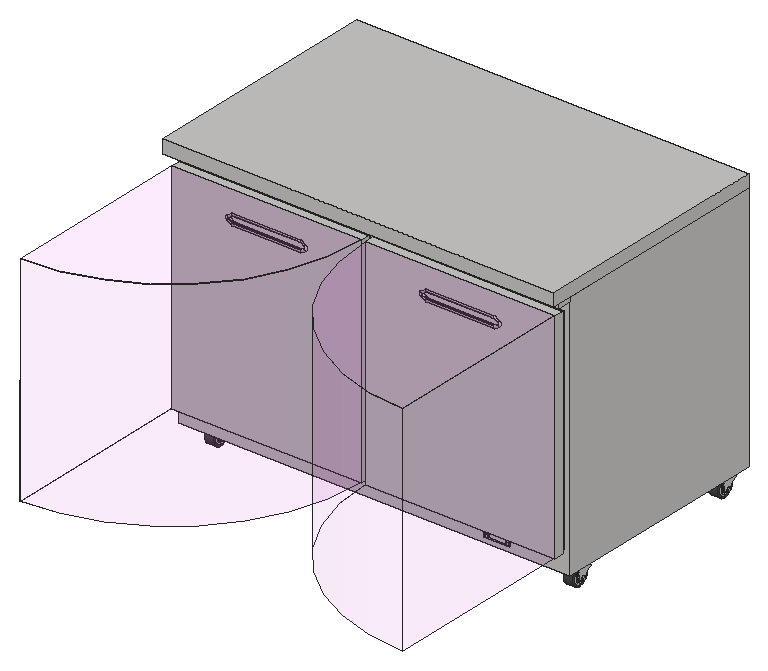
Revit family "QF_Kelvinator_738266_KCHUC48F_2-Door_Under_Counter_Freezer_48_Long", category Specialty Equipment, Revit 2021
Family settings
  Round Connector Dimension = Use Diameter
  Part Type = Normal
  Work Plane-Based = No
  Always vertical = Yes
  Cut with Voids When Loaded = No
  Shared = No
  Room Calculation Point = No
Parameters
  Weight in Pounds = 222.67
  Watts = 400 W
  Volts = 115 V
  URL Cutsheet = ""
  Specification by User = ""
  Specification by Manufacturer = ""
  Serial Number = ""
  Seismic Rating = ""
  SMACNA No = ""
  Revision Code = ""
  Refrigerant Type = "R290"
  Phase = 1
  Number of Poles = 1
  NAFEM Spec ID Number = ""
  Model = "738266 (KCHUC48F)"
  Min Ckt Ampacity = 0 A
  Max Overcurrent Protection = 0 A
  Masterspec = ""
  Manufacturer = "Kelvinator Commercial"
  Length = 48.228"
  Item Number = "738266"
  Installed By = ""
  Identify Quantity as Lot = yes
  Height = 35.512"
  HP = "1/3"
  Furnished By = ""
  Foodservice Equipment Identifier = yes
  FL Amps = 4 A
  Electrical Remarks = ""
  Electric Connection Type = ""
  Elec Conn RI Height = 0.000"
  Elec Conn Connection Height = 0.000"
  Description = "2-Door Under Counter Freezer 48\" Long"
  Depth = 29.921"
  Default Elevation = 0.000"
  Cycle = 60 Hz
  Conn Plug = "5-15P"
  Conn Conduit = yes
  CSI MasterFormat = ""
  Apparent Power = 0 VA
Reference planes (in)
  plane 1 "BACK": y = 0
  plane 2: z = 0
  plane 3 "LEFT": x = 0
  plane 4 "RIGHT": x = 48.228
  plane 5 "FRONT": y = -29.921
  plane 6 "TOP": z = 35.512
  plane 7 "Center Y": x = 24.114
  plane 8 "Center X": y = -14.9605
Dimensions and locks (in)
  equal spacing: plane 3 "LEFT", plane 7 "Center Y", plane 4 "RIGHT"
  "Length": plane 3 "LEFT" to plane 4 "RIGHT"
  equal spacing: plane 5 "FRONT", plane 8 "Center X", plane 1 "BACK"
  "Depth": plane 5 "FRONT" to plane 1 "BACK"
  "Height": plane 6 "TOP" to level
  aligned and locked: level to plane 2
Nested families (in)
  nested 1: "KCHST.0001" at (0, 0, 0), type "KCHST.0001"
    with Show Clearance yes
Connectors (in)
  electrical at (24.103, -0.87772, 2.31881), driven by "Volts", driven by "Watts"
    settings: on nested 1, index 1, voltage 115 V, apparent load 400 VA, apparent load phase1 0 VA, apparent load phase2 0 VA, apparent load phase3 0 VA, power factor 1, load classification "Other", number of poles 1, system type 30, power factor state 1, is connector primary yes, connector utility no, sub classification motor no, connector description ""
Definition of nested family "KCHST.0001"
  Parameters (values of type "KCHST.0001")
    Weight in Pounds = 0
    URL Cutsheet = ""
    Specification by User = ""
    Specification by Manufacturer = ""
    Show Clearance [instance] = yes
    Serial Number = ""
    Seismic Rating = ""
    SMACNA No = ""
    Revision Code = ""
    NAFEM Spec ID Number = ""
    Masterspec = ""
    Length = 48.228"
    Item Number = ""
    Installed By = ""
    Identify Quantity as Lot = yes
    Height = 35.512"
    Furnished By = ""
    Foodservice Equipment Identifier = yes
    Depth = 29.921"
    Default Elevation = 0.000"
    CSI MasterFormat = ""
  Reference planes (in)
    plane 1 "BACK": y = 0
    plane 2: z = 0
    plane 3 "LEFT": x = 0
    plane 4 "RIGHT": x = 48.228
    plane 5 "FRONT": y = -29.921
    plane 6 "TOP": z = 35.512
    plane 7 "Center Y": x = 24.114
    plane 8 "Center X": y = -14.9605
    plane 9: z = 3.1
    plane 10: z = 33.9
    plane 11: y = -56
    plane 12: y = -29.2
    plane 13: z = 32.4
    plane 14: z = 5.6
    plane 15: y = -27.5
    plane 16: x = 46.228
    plane 17: x = 2
    plane 18: x = 23.875
    plane 19: x = 0.5
    plane 20: x = 12.17363
    plane 21: x = 36.07637
  Forms (in)
    Extrusion 1, solid
      sketch origin (0, 0, 0) x (0, 1, 0) y (0, 0, 1)
        loop
          line (-27.5, 33.9) -> (-27.5, 3.1) -> (0, 3.1) -> (0, 33.9) -> (-27.5, 33.9)
      from 0 to 48.228
    Extrusion 2, solid
      sketch origin (0, 0, 0) x (0, 1, 0) y (0, 0, 1)
        loop
          line (-29.921, 35.512) -> (-29.921, 33.9) -> (0, 33.9) -> (0, 35.512) -> (-29.921, 35.512)
      from 0 to 48.228
    Extrusion 3, solid
      sketch origin (0, 0, 0) x (0, 1, 0) y (0, 0, 1)
        loop
          line (-29.2, 33.9) -> (-29.2, 33.4) -> (-27.5, 33.4) -> (-27.5, 33.9) -> (-29.2, 33.9)
      from 0 to 48.228
    Extrusion 4, solid
      sketch origin (24.114, 6.90541, 48) x (0, 1, 0) y (0, 0, 1)
        loop
          line (-36.10541, -15.6) -> (-36.10541, -42.4) -> (-34.95211, -42.4) -> (-34.95211, -15.6) -> (-36.10541, -15.6)
      from -0.239 to -23.614
    Extrusion 5, solid
      sketch origin (0, 0, 0) x (0, 1, 0) y (0, 0, 1)
        loop
          line (-28.04671, 32.20449) -> (-28.04671, 5.81322) -> (-27.79671, 5.81322) -> (-27.79671, 32.20449) -> (-28.04671, 32.20449)
      from 0.74536 to 23.60189
    Extrusion 6, solid
      sketch origin (0, 0.25, 0) x (0, 1, 0) y (0, 0, 1)
        loop
          line (-28.04671, 32.20449) -> (-28.04671, 5.81322) -> (-27.864, 5.81322) -> (-27.864, 32.20449) -> (-28.04671, 32.20449)
      from 0.74536 to 23.60189
    Extrusion 7, solid
      sketch origin (0, 0.4327, 0) x (0, 1, 0) y (0, 0, 1)
        loop
          line (-28.04671, 32.20449) -> (-28.04671, 5.81322) -> (-27.9327, 5.81322) -> (-27.9327, 32.20449) -> (-28.04671, 32.20449)
      from 0.74536 to 23.60189
    Extrusion 8, solid
      sketch origin (-4.97957, -27.5, -4.77927) x (-1, 0, 0) y (0, 0, 1)
        loop
          line (-42.67533, 9.70772) -> (-45.82493, 9.70772) -> (-45.82493, 8.52662) -> (-42.67533, 8.52662) -> (-42.67533, 9.70772)
        loop
          line (-42.75407, 9.63107) -> (-43.14777, 9.63107) -> (-43.14777, 9.31193) -> (-42.75407, 9.31193) -> (-42.75407, 9.63107)
        loop
          line (-42.75407, 9.27674) -> (-43.14777, 9.27674) -> (-43.14777, 8.9576) -> (-42.75407, 8.9576) -> (-42.75407, 9.27674)
        loop
          line (-42.75407, 8.92241) -> (-43.14777, 8.92241) -> (-43.14777, 8.60327) -> (-42.75407, 8.60327) -> (-42.75407, 8.92241)
        loop
          line (-45.74619, 9.63107) -> (-45.74619, 9.31193) -> (-45.35249, 9.31193) -> (-45.35249, 9.63107) -> (-45.74619, 9.63107)
        loop
          line (-45.74619, 9.27674) -> (-45.74619, 8.9576) -> (-45.35249, 8.9576) -> (-45.35249, 9.27674) -> (-45.74619, 9.27674)
        loop
          line (-45.74619, 8.92241) -> (-45.74619, 8.60327) -> (-45.35249, 8.60327) -> (-45.35249, 8.92241) -> (-45.74619, 8.92241)
        loop
          line (-43.22525, 9.63107) -> (-45.27501, 9.63107) -> (-45.27501, 8.60716) -> (-43.22525, 8.60716) -> (-43.22525, 9.63107)
      from 0.07874 to -0.04602
    Extrusion 9, solid
      sketch origin (-4.97957, -27.54602, -4.77927) x (1, 0, 0) y (0, 0, 1)
        loop
          line (45.35249, 9.63107) -> (45.35249, 9.31193) -> (45.74619, 9.31193) -> (45.74619, 9.63107) -> (45.35249, 9.63107)
        loop
          line (45.35249, 9.27674) -> (45.35249, 8.9576) -> (45.74619, 8.9576) -> (45.74619, 9.27674) -> (45.35249, 9.27674)
        loop
          line (45.35249, 8.92241) -> (45.35249, 8.60327) -> (45.74619, 8.60327) -> (45.74619, 8.92241) -> (45.35249, 8.92241)
        loop
          line (43.14777, 9.63107) -> (42.75407, 9.63107) -> (42.75407, 9.31193) -> (43.14777, 9.31193) -> (43.14777, 9.63107)
        loop
          line (43.14777, 9.27674) -> (42.75407, 9.27674) -> (42.75407, 8.9576) -> (43.14777, 8.9576) -> (43.14777, 9.27674)
        loop
          line (43.14777, 8.92241) -> (42.75407, 8.92241) -> (42.75407, 8.60327) -> (43.14777, 8.60327) -> (43.14777, 8.92241)
      from 0 to -0.07874
    Extrusion 10, solid
      sketch origin (-4.97957, -27.54602, -4.77927) x (1, 0, 0) y (0, 0, 1)
        loop
          line (43.22525, 9.63107) -> (43.22525, 8.60716) -> (45.27501, 8.60716) -> (45.27501, 9.63107) -> (43.22525, 9.63107)
      from 0 to -0.07874
    Extrusion 11, void
      sketch origin (-4.97957, -27.5, -4.77927) x (-1, 0, 0) y (0, 0, 1)
        loop
          line (-42.67533, 9.70772) -> (-45.82493, 9.70772) -> (-45.82493, 8.52662) -> (-42.67533, 8.52662) -> (-42.67533, 9.70772)
      from 0 to 0.07874
    Extrusion 12, void
      sketch origin (-37.41705, -29.19996, 31.5181) x (0, 0, 1) y (1, 0, 0)
        loop
          line (-1.94791, 45.41568) -> (-1.94791, 53.76568) -> (-2.28604, 54.30668)
          arc (-2.28604, 54.30668) -> (-2.38541, 54.36176) -> (-2.48479, 54.30668) r 0.11719
          line (-2.48479, 54.30668) -> (-2.82291, 53.76568) -> (-2.82291, 45.41568) -> (-2.48621, 44.87696)
          arc (-2.48621, 44.87696) -> (-2.38541, 44.82109) -> (-2.28462, 44.87696) r 0.11887
          line (-2.28462, 44.87696) -> (-1.94791, 45.41568)
      from 0 to 0.31887
    Sweep 13, solid
      path origin (-37.41705, -26.39996, 31.5181) x (0, 0, -1) y (1, 0, 0)
        loop
          line (2.82291, 53.76568) -> (2.48479, 54.30668)
          arc (2.48479, 54.30668) -> (2.38541, 54.36176) -> (2.28604, 54.30668) r 0.11719
          line (2.28604, 54.30668) -> (1.94791, 53.76568) -> (1.94791, 45.41568) -> (2.28462, 44.87696)
          arc (2.28462, 44.87696) -> (2.38541, 44.82109) -> (2.48621, 44.87696) r 0.11887
          line (2.48621, 44.87696) -> (2.82291, 45.41568) -> (2.82291, 53.76568)
      profile origin (12.17363, -26.39996, 28.69519) x (0, 0, -1) y (0, -1, 0)
        loop
          line (0, 2.8) -> (0.25, 2.8)
          arc (0.25, 2.8) -> (0.125, 2.85269) -> (0, 2.8) r 0.17461
    Extrusion 14, solid
      sketch origin (-9.65625, -3.56521, 3.1) x (-1, 0, 0) y (0, 1, 0)
        loop
          circle (-33.75925, 2.68749) r 0.25
      from 0 to 0.78119
    Extrusion 15, solid
      sketch origin (24.114, 6.90541, 48) x (0, 1, 0) y (0, 0, -1)
        loop
          line (-36.10541, 15.6) -> (-34.95211, 15.6) -> (-34.95211, 42.4) -> (-36.10541, 42.4) -> (-36.10541, 15.6)
      from -0.25 to -23.625
    Extrusion 16, solid
      sketch origin (48.25, 0, 0) x (0, 1, 0) y (0, 0, -1)
        loop
          line (-28.04671, -32.20449) -> (-27.79671, -32.20449) -> (-27.79671, -5.81322) -> (-28.04671, -5.81322) -> (-28.04671, -32.20449)
      from 0.74536 to 23.60189
    Extrusion 17, solid
      sketch origin (48.25, 0.25, 0) x (0, 1, 0) y (0, 0, -1)
        loop
          line (-28.04671, -32.20449) -> (-27.864, -32.20449) -> (-27.864, -5.81322) -> (-28.04671, -5.81322) -> (-28.04671, -32.20449)
      from 0.74536 to 23.60189
    Extrusion 18, solid
      sketch origin (48.25, 0.4327, 0) x (0, 1, 0) y (0, 0, -1)
        loop
          line (-28.04671, -32.20449) -> (-27.9327, -32.20449) -> (-27.9327, -5.81322) -> (-28.04671, -5.81322) -> (-28.04671, -32.20449)
      from 0.74536 to 23.60189
    Extrusion 19, void
      sketch origin (85.66705, -29.19996, 31.5181) x (0, 0, 1) y (1, 0, 0)
        loop
          line (-1.94791, -45.41568) -> (-2.28462, -44.87696)
          arc (-2.28462, -44.87696) -> (-2.38541, -44.82109) -> (-2.48621, -44.87696) r 0.11887
          line (-2.48621, -44.87696) -> (-2.82291, -45.41568) -> (-2.82291, -53.76568) -> (-2.48479, -54.30668)
          arc (-2.48479, -54.30668) -> (-2.38541, -54.36176) -> (-2.28604, -54.30668) r 0.11719
          line (-2.28604, -54.30668) -> (-1.94791, -53.76568) -> (-1.94791, -45.41568)
      from 0 to 0.31887
    Sweep 20, solid
      path origin (85.66705, -26.39996, 31.5181) x (0, 0, -1) y (1, 0, 0)
        loop
          line (2.82291, -53.76568) -> (2.82291, -45.41568) -> (2.48621, -44.87696)
          arc (2.48621, -44.87696) -> (2.38541, -44.82109) -> (2.28462, -44.87696) r 0.11887
          line (2.28462, -44.87696) -> (1.94791, -45.41568) -> (1.94791, -53.76568) -> (2.28604, -54.30668)
          arc (2.28604, -54.30668) -> (2.38541, -54.36176) -> (2.48479, -54.30668) r 0.11719
          line (2.48479, -54.30668) -> (2.82291, -53.76568)
      profile origin (36.07637, -26.39996, 28.69519) x (0, 0, 1) y (0, -1, 0)
        loop
          arc (0, 2.8) -> (-0.125, 2.85269) -> (-0.25, 2.8) r 0.17461
          line (-0.25, 2.8) -> (0, 2.8)
    Extrusion 21, solid, visible <- "Show Clearance"
      sketch origin (0, 9.61225, 5.6) x (1, 0, 0) y (0, -1, 0)
        loop
          arc (23.875, 38.81225) -> (17.02862, 55.34087) -> (0.5, 62.18725) r 23.375
          line (0.5, 62.18725) -> (0.5, 38.81225) -> (23.875, 38.81225)
        loop
          line (24.364, 38.81225) -> (47.728, 38.81225) -> (47.728, 62.17625)
          arc (47.728, 62.17625) -> (31.20716, 55.33309) -> (24.364, 38.81225) r 23.364
      from 0 to -26.8
  Cuts and joins
    Extrusion 11 cuts Extrusion 8
    Extrusion 12, Extrusion 19 cuts Extrusion 4
    Extrusion 19 cuts Extrusion 15
  Lines and regions (in)
    symbolic lines
      curve 1: line (48.228, -29.921, 0) -> (48.228, 0, 0)
      curve 2: line (48.228, 0, 0) -> (0, 0, 0)
      curve 3: line (0, 0, 0) -> (0, -29.921, 0)
      curve 4: line (0, -29.921, 0) -> (48.228, -29.921, 0)
    symbolic lines, visible <- "Show Clearance"
      curve 5: arc (23.85524, -29.921, 0) -> (22.88671, -35.89494, 0) -> (20.41644, -41.41976, 0) r 23.36637
      curve 6: arc (27.82256, -41.41976, 0) -> (25.35113, -35.89514, 0) -> (24.38214, -29.921, 0) r 23.35699
      curve 7: line (0.5, -29.921, 0) -> (20.41644, -41.41976, 0)
      curve 8: line (47.728, -29.921, 0) -> (27.82256, -41.41976, 0)
  Dimensions and locks (in)
    equal spacing: plane 3 "LEFT", plane 7 "Center Y", plane 4 "RIGHT"
    "Length": plane 3 "LEFT" to plane 4 "RIGHT"
    equal spacing: plane 5 "FRONT", plane 8 "Center X", plane 1 "BACK"
    "Depth": plane 5 "FRONT" to plane 1 "BACK"
    "Height": plane 6 "TOP" to level
    level to plane 9 = 3.100"
    plane 10 to plane 9 = 30.800"
    plane 11 to plane 1 "BACK" = 56.000"
    plane 14 to plane 13 = 26.800"
    locked: plane 4 "RIGHT" to plane 16 at 2
    locked: plane 3 "LEFT" to plane 17 at 2
    locked: plane 19 to plane 3 "LEFT" at 0.5
    plane 9 to plane 6 "TOP" = 32.412"
    plane 3 "LEFT" to plane 4 "RIGHT" = 48.228"
    aligned and locked: level to plane 2
    aligned and locked: plane 16 to nested 1
    aligned and locked: nested 2 to plane 17
    aligned and locked: Extrusion 1 to plane 4 "RIGHT"
    aligned and locked: plane 4 "RIGHT" to Extrusion 1
    aligned and locked: Extrusion 3 to plane 4 "RIGHT"
    aligned and locked: Extrusion 2 to plane 4 "RIGHT"
    aligned and locked: plane 18 to cut or joined group of Extrusion 4, Extrusion 12, Extrusion 19
    aligned and locked: cut or joined group of Extrusion 4, Extrusion 12, Extrusion 19 to plane 19
    aligned and locked: plane 16 to nested 3
  Automatic sketch dimensions
    plane 9 to Extrusion 1 sketch curve = 0.000"
    Extrusion 1 sketch curve to plane 15 = 0.000"
    Extrusion 1 sketch curve to plane 1 "BACK" = 0.000"
    Extrusion 1 sketch curve to plane 10 = 0.000"
    Extrusion 2 sketch curve to plane 5 "FRONT" = 0.000"
    Extrusion 2 sketch curve to plane 1 "BACK" = 0.000"
    Extrusion 2 sketch curve to plane 10 = 0.000"
    Extrusion 2 sketch curve to plane 6 "TOP" = 0.000"
    Extrusion 3 sketch curve to plane 10 = 0.000"
    Extrusion 3 sketch curve to plane 12 = 0.000"
    Extrusion 3 sketch curve to plane 15 = 0.000"
    Extrusion 3 sketch curve to Extrusion 3 sketch curve = 0.500"
    Extrusion 4 sketch curve to plane 12 = 0.000"
    plane 14 to Extrusion 4 sketch curve = 0.000"
    plane 13 to Extrusion 4 sketch curve = 0.000"
    Extrusion 4 sketch curve to plane 15 = 0.54671"
    Extrusion 5 sketch curve to plane 14 = 0.21322"
    Extrusion 5 sketch curve to plane 15 = 0.54671"
    Extrusion 5 sketch curve to Extrusion 5 sketch curve = 0.250"
    plane 13 to Extrusion 5 sketch curve = 0.19551"
    Extrusion 6 sketch curve to plane 15 = 0.29671"
    Extrusion 6 sketch curve to plane 15 = 0.114"
    Extrusion 6 sketch curve to plane 14 = 0.21322"
    plane 13 to Extrusion 6 sketch curve = 0.19551"
    Extrusion 7 sketch curve to plane 15 = 0.000"
    Extrusion 7 sketch curve to Extrusion 7 sketch curve = 0.114"
    Extrusion 7 sketch curve to plane 14 = 0.21322"
    plane 13 to Extrusion 7 sketch curve = 0.19551"
    plane 14 to Extrusion 8 sketch curve = 0.67154"
    Extrusion 8 sketch curve to plane 21 = 4.76899"
    Extrusion 8 sketch curve to Extrusion 8 sketch curve = 0.07874"  (x3)
    Extrusion 8 sketch curve to Extrusion 8 sketch curve = 0.000"  (x7)
    Extrusion 8 sketch curve to Extrusion 8 sketch curve = 0.3937"  (x2)
    Extrusion 8 sketch curve to Extrusion 8 sketch curve = 0.07748"  (x3)
    Extrusion 8 sketch curve to plane 9 = 0.72789"
    Extrusion 8 sketch curve to Extrusion 8 sketch curve = 2.04976"
    Extrusion 8 sketch curve to Extrusion 8 sketch curve = 0.00389"  (x2)
    Extrusion 8 sketch curve to Extrusion 8 sketch curve = 0.07665"  (x3)
    Extrusion 8 sketch curve to Extrusion 8 sketch curve = 0.31914"  (x4)
    Extrusion 8 sketch curve to Extrusion 8 sketch curve = 0.03519"  (x4)
    Extrusion 8 to Extrusion 9 sketch curve = 0.000"  (x10)
    Extrusion 9 sketch curve to Extrusion 8 = 0.000"  (x14)
    Extrusion 10 sketch curve to Extrusion 8 = 0.000"  (x3)
    Extrusion 8 to Extrusion 10 sketch curve = 0.000"
    plane 14 to Extrusion 11 sketch curve = 0.67154"
    Extrusion 11 sketch curve to plane 21 = 4.76899"
    Extrusion 11 sketch curve to plane 9 = 0.64735"
    Extrusion 11 sketch curve to plane 21 = 1.61938"
    plane 13 to Extrusion 12 sketch curve = 3.70481"
    Extrusion 12 sketch curve to Extrusion 12 sketch curve = 0.3367"
    Extrusion 12 sketch curve to Extrusion 12 sketch curve = 0.33813"  (x2)
    Extrusion 12 sketch curve to Extrusion 12 sketch curve = 0.09937"  (x2)
    Extrusion 12 sketch curve to Extrusion 12 sketch curve = 0.1008"  (x2)
    Extrusion 12 sketch curve to plane 20 = 4.71372"
    Extrusion 12 sketch curve to Extrusion 12 sketch curve = 0.063"
    Extrusion 12 sketch curve to Extrusion 12 sketch curve = 0.53872"  (x2)
    plane 20 to Extrusion 12 sketch curve = 4.175"
    Extrusion 12 sketch curve to Extrusion 12 sketch curve = 0.000"
    Extrusion 12 sketch curve to Extrusion 12 sketch curve = 0.47889"
    Extrusion 12 sketch curve to Extrusion 12 sketch curve = 0.06211"
    plane 13 to Sweep 13 sketch curve = 2.82981"
    Sweep 13 sketch curve to Sweep 13 sketch curve = 0.3367"
    Sweep 13 sketch curve to Sweep 13 sketch curve = 0.33813"  (x2)
    Sweep 13 sketch curve to Sweep 13 sketch curve = 0.09937"  (x2)
    Sweep 13 sketch curve to Sweep 13 sketch curve = 0.1008"  (x2)
    Sweep 13 sketch curve to plane 20 = 4.71372"
    Sweep 13 sketch curve to Sweep 13 sketch curve = 0.063"
    Sweep 13 sketch curve to Sweep 13 sketch curve = 0.53872"  (x2)
    plane 20 to Sweep 13 sketch curve = 4.175"
    Sweep 13 sketch curve to Sweep 13 sketch curve = 0.000"
    Sweep 13 sketch curve to Sweep 13 sketch curve = 0.47889"
    Sweep 13 sketch curve to Sweep 13 sketch curve = 0.06211"
    Sweep 13 sketch curve to profile plane = 0.000"
    Sweep 13 sketch curve to profile plane = 0.125"
    profile plane to Sweep 13 sketch curve = 2.67809"
    Sweep 13 sketch curve to Sweep 13 sketch curve = 0.12191"
    Extrusion 15 sketch curve to plane 12 = 0.000"
    plane 14 to Extrusion 15 sketch curve = 0.000"
    plane 13 to Extrusion 15 sketch curve = 0.000"
    Extrusion 15 sketch curve to plane 15 = 0.54671"
    Extrusion 16 sketch curve to plane 14 = 0.21322"
    Extrusion 16 sketch curve to plane 15 = 0.54671"
    Extrusion 16 sketch curve to Extrusion 16 sketch curve = 0.250"
    plane 13 to Extrusion 16 sketch curve = 0.19551"
    Extrusion 17 sketch curve to plane 15 = 0.29671"
    Extrusion 17 sketch curve to plane 15 = 0.114"
    plane 13 to Extrusion 17 sketch curve = 0.19551"
    Extrusion 17 sketch curve to plane 14 = 0.21322"
    Extrusion 18 sketch curve to plane 15 = 0.000"
    Extrusion 18 sketch curve to Extrusion 18 sketch curve = 0.114"
    plane 13 to Extrusion 18 sketch curve = 0.19551"
    Extrusion 18 sketch curve to plane 14 = 0.21322"
    plane 13 to Extrusion 19 sketch curve = 3.70481"
    Extrusion 19 sketch curve to Extrusion 19 sketch curve = 0.3367"
    Extrusion 19 sketch curve to Extrusion 19 sketch curve = 0.33813"  (x2)
    Extrusion 19 sketch curve to Extrusion 19 sketch curve = 0.09937"  (x2)
    Extrusion 19 sketch curve to Extrusion 19 sketch curve = 0.1008"  (x2)
    plane 21 to Extrusion 19 sketch curve = 4.716"
    Extrusion 19 sketch curve to Extrusion 19 sketch curve = 0.06211"
    Extrusion 19 sketch curve to Extrusion 19 sketch curve = 0.541"  (x2)
    Extrusion 19 sketch curve to plane 21 = 4.175"
    Extrusion 19 sketch curve to Extrusion 19 sketch curve = 0.000"
    Extrusion 19 sketch curve to Extrusion 19 sketch curve = 0.47572"
    Extrusion 19 sketch curve to Extrusion 19 sketch curve = 0.063"
    plane 13 to Sweep 20 sketch curve = 2.82981"
    Sweep 20 sketch curve to Sweep 20 sketch curve = 0.3367"
    Sweep 20 sketch curve to Sweep 20 sketch curve = 0.33813"  (x2)
    Sweep 20 sketch curve to Sweep 20 sketch curve = 0.09937"  (x2)
    Sweep 20 sketch curve to Sweep 20 sketch curve = 0.1008"  (x2)
    plane 21 to Sweep 20 sketch curve = 4.716"
    Sweep 20 sketch curve to Sweep 20 sketch curve = 0.06211"
    Sweep 20 sketch curve to Sweep 20 sketch curve = 0.541"  (x2)
    Sweep 20 sketch curve to plane 21 = 4.175"
    Sweep 20 sketch curve to Sweep 20 sketch curve = 0.000"
    Sweep 20 sketch curve to Sweep 20 sketch curve = 0.47572"
    Sweep 20 sketch curve to Sweep 20 sketch curve = 0.063"
    profile plane to Sweep 20 sketch curve = 0.000"
    profile plane to Sweep 20 sketch curve = 0.125"
    profile plane to Sweep 20 sketch curve = 2.67809"
    Sweep 20 sketch curve to Sweep 20 sketch curve = 0.12191"
    Extrusion 1 to Extrusion 14 sketch curve = 0.87772"
    Extrusion 14 sketch curve to Extrusion 1 = 24.125"
    Extrusion 21 sketch curve to plane 12 = 0.000"  (x2)
    Extrusion 21 sketch curve to plane 19 = 0.000"
    Extrusion 21 sketch curve to plane 18 = 0.000"
    plane 7 "Center Y" to Extrusion 21 sketch curve = 0.250"
    plane 4 "RIGHT" to Extrusion 21 sketch curve = 0.500"
    curve 4 to plane 3 "LEFT" = 0.000"
    plane 5 "FRONT" to curve 7 = 0.000"
    curve 7 to plane 19 = 0.000"
    curve 5 to plane 12 = 0.000"
    curve 5 to plane 19 = 0.000"
    curve 6 to plane 12 = 0.000"
    plane 1 "BACK" to curve 1 = 0.000"
    curve 1 to plane 4 "RIGHT" = 0.000"
    curve 7 to plane 18 = 3.45856"
    plane 7 "Center Y" to curve 8 = 3.70856"
    plane 4 "RIGHT" to curve 6 = 0.500"
    plane 5 "FRONT" to curve 7 = 11.49876"
    curve 5 to curve 8 = 0.000"
    plane 4 "RIGHT" to curve 8 = 0.500"
    radius of Extrusion 14 sketch curve = 0.250"
  Nested families (in)
    nested 1: "3 INCHES 01_CASTER" at (46.228, -24.75, 0), type "3 INCHES 01_CASTER"
      with Type Mark "", Specification by User "", Revision Code "", Item Number "", Installed By "", Identify Quantity as Lot yes, Furnished By "", Foodservice Equipment Identifier yes, 3 Inches Caster yes
    nested 2: "3 INCHES 01_CASTER" at (2, -24.75, 0), type "3 INCHES 01_CASTER"
      with Type Mark "", Specification by User "", Revision Code "", Item Number "", Installed By "", Identify Quantity as Lot yes, Furnished By "", Foodservice Equipment Identifier yes, 3 Inches Caster yes
    nested 3: "3 INCHES 01_CASTER" at (46.228, -2.375, 0), type "3 INCHES 01_CASTER"
      with Type Mark "", Specification by User "", Revision Code "", Item Number "", Installed By "", Identify Quantity as Lot yes, Furnished By "", Foodservice Equipment Identifier yes, 3 Inches Caster yes
    nested 4: "3 INCHES 01_CASTER" at (2, -2.375, 0), type "3 INCHES 01_CASTER"
      with Type Mark "", Specification by User "", Revision Code "", Item Number "", Installed By "", Identify Quantity as Lot yes, Furnished By "", Foodservice Equipment Identifier yes, 3 Inches Caster yes
  Definition of nested family "3 INCHES 01_CASTER"
    Parameters (values of type "3 INCHES 01_CASTER")
      Weight = ""
      URL Manufacturer = ""
      URL Cutsheet = ""
      URL = ""
      Type Mark [instance] = ""
      Specification by User [instance] = ""
      Specification by Manufacturer = ""
      Serial Number = ""
      Seismic Rating = ""
      SMACNA No = ""
      Revision Code [instance] = ""
      Omniclass Number and Title = ""
      NAFEM Spec ID Number = ""
      Model = ""
      MasterSpec. = ""
      Manufacturer = ""
      Item Number [instance] = ""
      Installed By [instance] = ""
      Identify Quantity as Lot [instance] = yes
      Furnished By [instance] = ""
      Foodservice Equipment Identifier [instance] = yes
      Description = ""
      Default Elevation = 0.000"
      CSI MasterFormat = ""
      CSI Master Format = ""
      Assembly Code = ""
      3 Inches Caster [instance] = yes
    Reference planes (in)
      plane 1: z = 0
      plane 2 "RIGHT": x = 0
      plane 3 "FRONT": y = 0
      plane 4 "TOP": z = 3.1
    Forms (in)
      Revolve 1, solid, visible <- "3 Inches Caster"
        sketch origin (-1.93794, 0.56004, -1.0041) x (1, 0, 0) y (0, 0, 1)
          loop
            line (0.74055, 2.11347) -> (0.74055, 2.03797) -> (0.79055, 1.98797) -> (0.85055, 1.98797) -> (0.85055, 1.8679) -> (1.235, 1.8679) -> (1.235, 1.7068) -> (1.36441, 1.63209) -> (1.4003, 1.41035) -> (1.34375, 1.41035) -> (1.34375, 1.28535) -> (1.375, 1.28535) -> (1.375, 1.0041) -> (2.48438, 1.0041) -> (2.48438, 1.28535) -> (2.51563, 1.28535) -> (2.51563, 1.41035) -> (2.45908, 1.41035) -> (2.49553, 1.6356) -> (2.62438, 1.70999) -> (2.62438, 1.8679) -> (3.04007, 1.8679) -> (3.04007, 1.98797) -> (3.10007, 1.98797) -> (3.15007, 2.03797) -> (3.15007, 2.11347) -> (0.74055, 2.11347)
          axis (0.74055, 2.11347) -> (3.15007, 2.11347)
        angle from 0 to 360
      Extrusion 2, solid, visible <- "3 Inches Caster"
        sketch origin (-1.93794, 1.35294, -3.2541) x (0, 1, 0) y (0, 0, 1)
          loop
            line (-0.41094, 5.86793) -> (-0.41094, 6.01276) -> (-2.29494, 6.01276) -> (-2.29494, 5.71244) -> (-1.82301, 5.71244)
            arc (-1.82301, 5.71244) -> (-1.00307, 5.59865) -> (-0.19592, 5.41488) r 9.6332
            arc (-0.19592, 5.41488) -> (0.12646, 5.29481) -> (0.42224, 5.11916) r 1.92059
            line (0.42224, 5.11916) -> (0.51314, 5.245)
            arc (0.51314, 5.245) -> (0.27353, 5.42569) -> (0.01201, 5.5729) r 2.25036
            line (0.01201, 5.5729) -> (0.09371, 5.71426)
            arc (0.09371, 5.71426) -> (-0.15272, 5.81043) -> (-0.41094, 5.86793) r 1.73151
        from 1.17357 to 2.70231
      Revolve 3, solid, visible <- "3 Inches Caster"
        sketch origin (0, 1.73858, -3.25) x (0, 1, 0) y (0, 0, 1)
          loop
            line (-1.73858, 6.35) -> (-1.73858, 6.00866) -> (-0.93293, 6.00866) -> (-0.93293, 6.35) -> (-1.73858, 6.35)
          axis (-1.73858, 6.00866) -> (-1.73858, 6.35)
        angle from 0 to 360
      Extrusion 4, solid, visible <- "3 Inches Caster"
        sketch origin (-1.98481, 1.35294, -1.7541) x (0, 1, 0) y (0, 0, 1)
          loop
            line (-2.29494, 4.51276) -> (-2.29494, 4.21244) -> (-2.2074, 4.21244)
            arc (-2.2074, 4.21244) -> (-1.58796, 3.87196) -> (-1.3103, 3.22193) r 1.0835
            arc (-1.3103, 3.22193) -> (-1.27304, 2.98711) -> (-1.19616, 2.76214) r 1.38462
            arc (-1.19616, 2.76214) -> (-0.77704, 2.49744) -> (-0.37393, 2.78593) r 0.44401
            arc (-0.37393, 2.78593) -> (-0.35491, 2.84407) -> (-0.34077, 2.90358) r 0.74034
            arc (-0.34077, 2.90358) -> (-0.07302, 3.38916) -> (0.4279, 3.62699) r 0.90376
            line (0.4279, 3.62699) -> (0.51314, 3.745)
            arc (0.51314, 3.745) -> (0.27353, 3.92569) -> (0.01201, 4.0729) r 2.25036
            line (0.01201, 4.0729) -> (0.09371, 4.21426)
            arc (0.09371, 4.21426) -> (-0.15272, 4.31043) -> (-0.41094, 4.36793) r 1.73151
            line (-0.41094, 4.36793) -> (-0.41094, 4.51276) -> (-2.29494, 4.51276)
        from 2.74918 to 2.90825
      Extrusion 5, solid, visible <- "3 Inches Caster"
        sketch origin (1.98481, 1.35294, -1.7541) x (0, 1, 0) y (0, 0, -1)
          loop
            line (-2.29494, -4.51276) -> (-0.41094, -4.51276) -> (-0.41094, -4.36793)
            arc (-0.41094, -4.36793) -> (-0.15272, -4.31043) -> (0.09371, -4.21426) r 1.73151
            line (0.09371, -4.21426) -> (0.01201, -4.0729)
            arc (0.01201, -4.0729) -> (0.27353, -3.92569) -> (0.51314, -3.745) r 2.25036
            line (0.51314, -3.745) -> (0.4279, -3.62699)
            arc (0.4279, -3.62699) -> (-0.07302, -3.38916) -> (-0.34077, -2.90358) r 0.90376
            arc (-0.34077, -2.90358) -> (-0.35491, -2.84407) -> (-0.37393, -2.78593) r 0.74034
            arc (-0.37393, -2.78593) -> (-0.77704, -2.49744) -> (-1.19616, -2.76214) r 0.44401
            arc (-1.19616, -2.76214) -> (-1.27304, -2.98711) -> (-1.3103, -3.22193) r 1.38462
            arc (-1.3103, -3.22193) -> (-1.58796, -3.87196) -> (-2.2074, -4.21244) r 1.0835
            line (-2.2074, -4.21244) -> (-2.29494, -4.21244) -> (-2.29494, -4.51276)
        from 2.74918 to 2.90825
    Cuts and joins
      joined: Extrusion 2, Extrusion 4, Extrusion 5
    Lines and regions (in)
      symbolic lines, visible <- "3 Inches Caster"
        curve 1: line (0.1877, 1.65194, 0) -> (0.89063, 1.2461, 0)
        curve 2: line (-1.00175, -0.40823, 0) -> (0.1877, 1.65194, 0)
        curve 3: line (-0.29881, -0.81407, 0) -> (-1.00175, -0.40823, 0)
        curve 4: line (0.89063, 1.2461, 0) -> (-0.29881, -0.81407, 0)
    Dimensions and locks (in)
      plane 4 "TOP" to level = 3.100"  (x2)
      aligned and locked: level to plane 1
